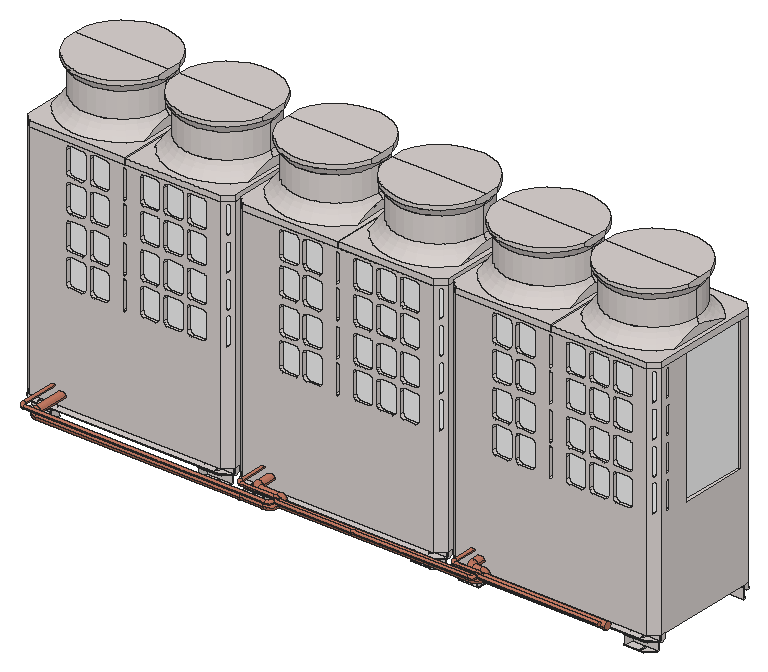
Revit family "PUHY-P1150YSNW-A1", category 機械設備, Revit 2016 (continued)
Definition of nested family "PUHY-P400YNW-A1"
  Dimensions and locks
    plane 3 "Center (Left/Right)" to cut or joined group 1 (Extrusion 1, Extrusion 2, Extrusion 3, Extrusion 4, Extrusion 5, Extrusion 6, Extrusion 7, Extrusion 8, Extrusion 9, Extrusion 10, Extrusion 11, Extrusion 12, Extrusion 13, Extrusion 14, Extrusion 15, Extrusion 16, Extrusion 17, Extrusion 18, Extrusion 19, Extrusion 20, Extrusion 21, Extrusion 22, Extrusion 23, Extrusion 24, Extrusion 25, Extrusion 26, Extrusion 27, Extrusion 28, Extrusion 29, Extrusion 30, Extrusion 31, Extrusion 32, Extrusion 33) = 620.000 mm
    cut or joined group 1 to plane 3 "Center (Left/Right)" = 620.000 mm
    Extrusion 1 sketch curve to Extrusion 1 sketch curve = 1240.000 mm
    cut or joined group 1 to plane 8 = 185.000 mm
    cut or joined group 1 to plane 7 = 166.000 mm
    cut or joined group 1 to plane 6 = 110.000 mm
    cut or joined group 1 to plane 12 to cut or joined group 1 = 805.000 mm, 621.000 mm
    plane 5 to plane 2 = 1858.000 mm  (x2)
    cut or joined group 1 to plane 19 "132" = 132.000 mm
    cut or joined group 1 to plane 22 = 207.000 mm
    cut or joined group 1 to plane 23 = 256.000 mm
    cut or joined group 1 to plane 6 = 60.000 mm
    cut or joined group 1 to cut or joined group 1 = 42.154 mm
    cut or joined group 1 to cut or joined group 1 = 11.895 mm
    nested 1 to nested 3 to level = 1798.000 mm, 60.000 mm
    nested 1 to nested 1 = 303.000 mm
    nested 1 to nested 3 = 1495.000 mm
    nested 8 to nested 8 to nested 8 to nested 7 to nested 7 to nested 7 = 54.000 mm, 20.000 mm, 592.000 mm, 20.000 mm, 54.000 mm
    nested 3 to nested 3 = 56.000 mm
    plane 11 to plane 31 to plane 32 to cut or joined group 1 = 90.000 mm, 1060.000 mm, 90.000 mm
    curve 103 to nested 7 = 90.000 mm
    curve 104 to nested 7 = 125.000 mm
    curve 101 to nested 7 = 100.000 mm
    curve 11 to curve 13 to nested 7 = 84.000 mm, 71.000 mm
    cut or joined group 1 to curve 12 to curve 14 = 125.000 mm, 148.000 mm
    nested 2 to nested 7 = 1495.000 mm
    curve 87 to cut or joined group 1 = 152.000 mm
    curve 88 to cut or joined group 1 = 172.000 mm
    curve 89 to cut or joined group 1 = 216.000 mm
    cut or joined group 1 to curve 4 to curve 2 = 128.000 mm, 150.000 mm
    cut or joined group 1 to curve 1 to curve 3 = 79.000 mm, 94.000 mm
    Extrusion 32 sketch curve to nested 7 = 116.000 mm
    cut or joined group 1 to Extrusion 32 sketch curve = 160.000 mm
    cut or joined group 1 to Extrusion 33 sketch curve = 243.000 mm
    Extrusion 33 sketch curve to nested 7 = 116.000 mm
    aligned and locked: level to plane 2
    aligned and locked: Extrusion 1 to plane 4
  Nested families
    nested 1: "FAN GUARD" at (-311.5, 2, 860), type "FAN GUARD"
      with WIDTH 870.000 mm
    nested 2: "FAN GUARD" at (311.5, 2, 860) x (-1, 0, 0) z (0, 0, 1), type "FAN GUARD"
      with WIDTH 870.000 mm
    nested 3: "ATTACHMENT LEG" at (-524, -349, 0), type "ATTACHMENT LEG"
    nested 4: "ATTACHMENT LEG" at (-524, 349, 0), type "ATTACHMENT LEG"
    nested 5: "ATTACHMENT LEG" at (524, -349, 0) x (-1, 0, 0) z (0, 0, 1), type "ATTACHMENT LEG"
    nested 6: "ATTACHMENT LEG" at (524, 349, 0) x (-1, 0, 0) z (0, 0, 1), type "ATTACHMENT LEG"
    nested 7: "BASE LEG_L_" at (0, -352, 60), type "BASE LEG_L_"
      with Width 1240.000 mm
    nested 8: "BASE LEG_L_" at (0, 352, 60), type "BASE LEG_L_"
      with Width 1240.000 mm
  Connectors
    piping at (-460, -191, 176), diameter 25.4, driven by "Liquid pipe_radius"
      settings: on cut or joined group 1, index 3, connector inside diameter 25.4 mm, connector length 0.000 mm, flow factor 0, pipe flow 0.0 L/s, pressure drop 0.0 Pa, fitting loss kfactor 0, connector angle 0.00°, fixture units 0, engagement length 0.000 mm, angle of deflection 0.00°, flow configuration 0, flow direction 0, fitting loss method 0, system type 22, joint type 0, gender type 0, connector reference index -1, connector utility 0, adjustable connector no, is connector primary yes, connector description "Refrigerant service valve<Liquid pipe>"
    piping at (-377, -191, 176), diameter 28.58, driven by "Gas pipe_radius"
      settings: on cut or joined group 1, index 4, connector inside diameter 28.58 mm, connector length 0.000 mm, flow factor 0, pipe flow 0.0 L/s, pressure drop 0.0 Pa, fitting loss kfactor 0, connector angle 0.00°, fixture units 0, engagement length 0.000 mm, angle of deflection 0.00°, flow configuration 0, flow direction 0, fitting loss method 0, system type 22, joint type 0, gender type 0, connector reference index -1, connector utility 0, adjustable connector no, is connector primary no, connector description "Refrigerant service valve<Gas>"
    electrical at (0, -370, 808)
      settings: on cut or joined group 1, index 5, voltage 0 V, apparent load 0 VA, apparent load phase1 0 VA, apparent load phase2 0 VA, apparent load phase3 0 VA, power factor 1, load classification none, number of poles 1, system type 30, power factor state 1, is connector primary yes, connector utility no, sub classification motor no, connector description ""
  Definition of nested family "FAN GUARD"
    Parameters
      WIDTH [instance] = 870.000 mm
    Reference planes
      plane 1 "中心(正面/背面)": y = -2
      plane 2: z = 0
      plane 3 "ファンガード基準面": z = 661
      plane 4: y = 368
      plane 5: x = 366
      plane 6: x = -375
      plane 7 "ファンガード基準上面": z = 695
      plane 8 "ファンガード上面": z = 998
      plane 9: x = -273.971
      plane 10: x = 308.5
      plane 11: x = -308.5
      plane 12: x = 0
    Forms (mm)
      Extrusion 1, solid
        sketch origin (85, 0, 661) x (-1, 0, 0) y (0, -1, 0)
          loop
            line (343.5, -368) -> (393.5, -318) -> (393.5, 322) -> (343.5, 372) -> (-223.5, 372) -> (-223.5, -368) -> (343.5, -368)
        from 0 to 34
      Revolve 2, solid
        sketch origin (0, -2, 0) x (1, 0, 0) y (0, 0, 1)
          loop
            line (0, 695) -> (0, 998) -> (-290, 998) -> (-290, 972.327) -> (-260, 928.372) -> (-260, 777.384)
            arc (-260, 777.384) -> (-290.651, 730.137) -> (-334.665, 695) r 175.882
            line (-334.665, 695) -> (0, 695)
          axis (0, 998) -> (0, 695)
        angle from 0 to 360
      Extrusion 3, void
        sketch origin (-840, 75, 695) x (-1, 0, 0) y (0, -1, 0)
          loop
            line (-410, -165) -> (-410, 315) -> (-561.253, 315) -> (-561.253, -165) -> (-410, -165)
        from -35 to 430.592
      Extrusion 4, void
        sketch origin (840, 75, 695) x (1, 0, 0) y (0, 1, 0)
          loop
            line (-410, 165) -> (-561.253, 165) -> (-561.253, -315) -> (-410, -315) -> (-410, 165)
        from 0 to 430.592
    Cuts and joins
      Extrusion 3, Extrusion 4 cuts Revolve 2
      Extrusion 4 cuts Extrusion 1
    Lines and regions (mm)
      model lines
        curve 1: line (-278.747, 0, 998) -> (-80, 0, 998)
        curve 2: line (80, 0, 998) -> (278.747, 0, 998)
        curve 3: circle (0, 0, 998) r 80 normal (0, 0, 1)
        curve 4: line (-278.747, -80, 998) -> (278.747, -80, 998)
        curve 5: line (-241.868, -160, 998) -> (241.868, -160, 998)
        curve 6: line (-162.788, -240, 998) -> (162.788, -240, 998)
        curve 7: line (-278.747, 80, 998) -> (278.747, 80, 998)
        curve 8: line (-241.868, 160, 998) -> (240, 160, 998)
        curve 9: line (-160, 240, 998) -> (162.788, 240, 998)
        curve 10: line (0, 290, 998) -> (0, -290, 998)
        curve 11: line (-20, 289.31, 998) -> (-20, -289.31, 998)
        curve 12: line (-40, 287.228, 998) -> (-40, -287.228, 998)
        curve 13: line (-60, 283.725, 998) -> (-60, -283.725, 998)
        curve 14: line (-80, 278.747, 998) -> (-80, -278.747, 998)
        curve 15: line (20, 289.31, 998) -> (20, -289.31, 998)
        curve 16: line (40, 287.228, 998) -> (40, -287.228, 998)
        curve 17: line (60, 283.725, 998) -> (60, -283.725, 998)
        curve 18: line (80, 278.747, 998) -> (80, -278.747, 998)
        curve 19: line (100, 272.213, 998) -> (100, -272.213, 998)
        curve 20: line (120, 264.008, 998) -> (120, -264.008, 998)
        curve 21: line (140, 253.969, 998) -> (140, -253.969, 998)
        curve 22: line (160, 241.868, 998) -> (160, -243.132, 998)
        curve 23: line (180, 227.376, 998) -> (180, -227.624, 998)
        curve 24: line (200, 210, 998) -> (200, -210, 998)
        curve 25: line (220, 188.944, 998) -> (220, -188.944, 998)
        curve 26: line (240, 160, 998) -> (240, -162.788, 998)
        curve 27: line (260, 128.452, 998) -> (260, -128.452, 998)
        curve 28: line (-100, 272.213, 998) -> (-100, -272.213, 998)
        curve 29: line (-120, 264.008, 998) -> (-120, -264.008, 998)
        curve 30: line (-140, 253.969, 998) -> (-140, -253.969, 998)
        curve 31: line (-160, 240, 998) -> (-160, -241.868, 998)
        curve 32: line (-180, 227.376, 998) -> (-180, -227.376, 998)
        curve 33: line (-200, 210, 998) -> (-200, -210, 998)
        curve 34: line (-220, 188.944, 998) -> (-220, -188.944, 998)
        curve 35: line (-240, 162.788, 998) -> (-240, -162.788, 998)
        curve 36: line (-260, 128.452, 998) -> (-260, -128.452, 998)
        curve 37: line (10, 79.373, 998) -> (10, -79.373, 998)
        curve 38: line (-10, 79.373, 998) -> (-10, -79.373, 998)
        curve 39: line (30, 74.162, 998) -> (30, -74.162, 998)
        curve 40: line (50, 62.45, 998) -> (50, -62.45, 998)
        curve 41: line (70, 38.73, 998) -> (70, -38.73, 998)
        curve 42: line (-30, 74.162, 998) -> (-30, -74.162, 998)
        curve 43: line (-50, 62.45, 998) -> (-50, -62.45, 998)
        curve 44: line (-70, 38.73, 998) -> (-70, -38.73, 998)
    Dimensions and locks
      locked: plane 8 "ファンガード上面" to plane 7 "ファンガード基準上面" at 303
      plane 8 "ファンガード上面" to plane 3 "ファンガード基準面" = 337.000 mm
      Revolve 2 sketch curve to Revolve 2 sketch curve = 290.000 mm
      Extrusion 1 sketch curve to Extrusion 1 sketch curve = 740.000 mm
      equal spacing: Extrusion 1 sketch curve, plane 1 "中心(正面/背面)", Extrusion 1 sketch curve
      plane 6 to plane 5 = 741.000 mm
      Extrusion 1 sketch curve to Extrusion 1 sketch curve = 617.000 mm
      plane 11 to plane 10 = 617.000 mm
      cut or joined group of Extrusion 1, Extrusion 4 to cut or joined group of Extrusion 1, Extrusion 4 = 617.000 mm
      cut or joined group of Extrusion 1, Extrusion 4 to cut or joined group of Extrusion 1, Extrusion 4 = 740.000 mm
      aligned and locked: level to plane 2
      aligned and locked: plane 7 "ファンガード基準上面" to Extrusion 1
      aligned and locked: plane 3 "ファンガード基準面" to Extrusion 1
      aligned and locked: cut or joined group of Revolve 2, Extrusion 3, Extrusion 4 to plane 8 "ファンガード上面"
  Definition of nested family "ATTACHMENT LEG"
    Parameters
      Width = 145.000 mm
    Reference planes
      plane 1: z = 0
      plane 2 "中心(左/右)": x = -6
      plane 3: x = -52
      plane 4: x = 85
      plane 5: x = 93
      plane 6: y = -21
      plane 7: y = 27
      plane 8: x = -30
      plane 9: y = 39
      plane 10: z = 60
      plane 11: z = 57
      plane 12: z = 3
      plane 13: x = 82
      plane 14: y = 36
      plane 15: x = -75
      plane 16: y = 31
      plane 17 "幅": x = 93
      plane 18: y = 2.5
      plane 19: y = 21
      plane 20: y = -10
    Forms (mm)
      Extrusion 1, solid
        sketch origin (0, -1, 0) x (1, 0, 0) y (0, 1, 0)
          loop
            line (-75, 36) -> (-75, 27) -> (-28, -20) -> (93, -20) -> (93, 32) -> (85, 32) -> (85, 36) -> (-75, 36)
        from 0 to 60
      Extrusion 2, void
        sketch origin (0, -3, 0) x (1, 0, 0) y (0, 0, 1)
          loop
            line (-75, 57) -> (-75, 3) -> (82, 3) -> (82, 57) -> (-75, 57)
          loop
            line (93, 57) -> (85, 57) -> (85, 3) -> (93, 3) -> (93, 57)
        from -35 to 18
      Extrusion 3, void
        sketch origin (-6, 5.5, 0) x (1, 0, 0) y (0, 1, 0)
          loop
            arc (-7, -8.5) -> (0, -15.5) -> (7, -8.5) r 7
            line (7, -8.5) -> (7, 8.5)
            arc (7, 8.5) -> (0, 15.5) -> (-7, 8.5) r 7
            line (-7, 8.5) -> (-7, -8.5)
        from 0 to 60
    Cuts and joins
      Extrusion 2, Extrusion 3 cuts Extrusion 1
    Dimensions and locks
      locked: plane 3 to plane 4 at 137
      locked: plane 3 to plane 5 at 145
      plane 6 to plane 7 = 48.000 mm
      locked: plane 10 to level at 60
      Extrusion 3 sketch curve to plane 2 "中心(左/右)" = 7.000 mm
      locked: plane 15 to plane 2 "中心(左/右)" at 69
      locked: plane 15 to plane 8 at 45
      locked: plane 6 to plane 18 at 23.5
      cut or joined group of Extrusion 1, Extrusion 2, Extrusion 3 to cut or joined group of Extrusion 1, Extrusion 2, Extrusion 3 = 168.000 mm
      cut or joined group of Extrusion 1, Extrusion 2, Extrusion 3 to cut or joined group of Extrusion 1, Extrusion 2, Extrusion 3 = 56.000 mm  (x2)
      plane 14 to plane 6 = 57.000 mm
      aligned and locked: level to plane 1
      aligned and locked: Extrusion 1 sketch curve to plane 4
      aligned and locked: Extrusion 1 sketch curve to plane 5
      aligned: plane 8 to Extrusion 1 sketch curve
      aligned and locked: plane 10 to Extrusion 1
      aligned and locked: Extrusion 2 sketch curve to plane 11
      aligned: plane 3 to Extrusion 2 sketch curve
      aligned and locked: plane 12 to Extrusion 2 sketch curve
      aligned and locked: Extrusion 2 sketch curve to plane 13
      aligned and locked: plane 6 to Extrusion 2
      aligned and locked: plane 11 to Extrusion 2 sketch curve
      aligned and locked: plane 5 to Extrusion 2 sketch curve
      aligned and locked: Extrusion 2 sketch curve to plane 12
      aligned and locked: Extrusion 2 sketch curve to plane 4
      aligned and locked: plane 15 to Extrusion 1 sketch curve
      aligned and locked: Extrusion 2 sketch curve to cut or joined group of Extrusion 1, Extrusion 2, Extrusion 3
      aligned and locked: Extrusion 1 to plane 16
  Definition of nested family "BASE LEG_L_"
    Parameters
      Width [instance] = 1240.000 mm
    Reference planes
      plane 1 "中心(正面/背面)": y = 0
      plane 2: z = 0
      plane 3 "中心(左/右)": x = 0
      plane 4: x = 620
      plane 5: x = -620
      plane 6: x = -530
      plane 7: x = 530
      plane 8: y = -18
      plane 9: y = 39
      plane 10: z = 53
      plane 11: y = 42
      plane 12: y = 27
      plane 13: x = 575
      plane 14: x = -575
      plane 15: z = 8
      plane 16: y = 11.5
      plane 17: z = 35
    Forms (mm)
      Extrusion 1, solid
        sketch origin (0, 0, 0) x (0, 1, 0) y (0, 0, 1)
          loop
            line (-18, 0) -> (36, 0) -> (36, 32) -> (56, 32) -> (56, 35) -> (33, 35) -> (33, 3) -> (-18, 3) -> (-18, 0)
        from -620 to 620
      Extrusion 2, void
        sketch origin (0, 0, 0) x (1, 0, 0) y (0, 1, 0)
          loop
            line (575, -18) -> (620, -18) -> (620, 27) -> (575, -18)
          loop
            line (-575, -18) -> (-620, 27) -> (-620, -18) -> (-575, -18)
        from 0 to 250
      Extrusion 3, void
        sketch origin (0, 12.023, 0) x (1, 0, 0) y (0, 1, 0)
          loop
            arc (523, -2.971) -> (530, -9.971) -> (537, -2.971) r 7
            line (537, -2.971) -> (537, 3.023)
            arc (537, 3.023) -> (530, 10.023) -> (523, 3.023) r 7
            line (523, 3.023) -> (523, -2.971)
          loop
            line (-523, -2.971) -> (-523, 3.023)
            arc (-523, 3.023) -> (-530, 10.023) -> (-537, 3.023) r 7
            line (-537, 3.023) -> (-537, -2.971)
            arc (-537, -2.971) -> (-530, -9.971) -> (-523, -2.971) r 7
        from 0 to 250
      Extrusion 4, solid
        sketch origin (0, 0, -3) x (1, 0, 0) y (0, 0, 1)
          loop
            line (617, 8) -> (620, 8) -> (620, 35) -> (617, 35) -> (617, 8)
          loop
            line (-617, 8) -> (-617, 35) -> (-620, 35) -> (-620, 8) -> (-617, 8)
        from -36 to -56
      Extrusion 5, solid
        sketch origin (150, 352, 0) x (1, 0, 0) y (0, 1, 0)
          loop
            line (460, -319) -> (455, -319) -> (455, -320) -> (405, -370) -> (410, -370) -> (460, -320) -> (460, -319)
        from 3 to 35
      Extrusion 6, void
        sketch origin (560, -18, 0) x (0.707107, 0.707107, 0) y (0, 0, 1)
          loop
            line (70.711, 3) -> (-6.741, 39.767) -> (-6.741, 3) -> (70.711, 3)
        from -190.256 to 23.776
      Extrusion 7, solid
        sketch origin (-150, 352, 0) x (-1, 0, 0) y (0, -1, 0)
          loop
            line (460, 319) -> (460, 320) -> (410, 370) -> (405, 370) -> (455, 320) -> (455, 319) -> (460, 319)
        from 3 to 35
      Extrusion 8, void
        sketch origin (-560, -18, 0) x (0.707107, -0.707107, 0) y (0, 0, -1)
          loop
            line (-70.711, -3) -> (0, -35) -> (6.741, -35) -> (6.741, -3) -> (-70.711, -3)
        from -190.256 to 23.776
    Cuts and joins
      Extrusion 2, Extrusion 3 cuts Extrusion 1
      joined: Extrusion 1, Extrusion 4
      Extrusion 8 cuts Extrusion 7
      Extrusion 6 cuts Extrusion 5
    Dimensions and locks
      "Width": plane 5 to plane 4
      equal spacing: plane 5, plane 3 "中心(左/右)", plane 4
      locked: plane 5 to plane 6 at 90
      locked: plane 7 to plane 4 at 90
      locked: plane 8 to plane 9 at 57
      locked: plane 10 to level at 53
      locked: plane 9 to plane 11 at 3
      plane 8 to plane 12 = 45.000 mm
      locked: plane 13 to plane 4 at 45
      locked: plane 5 to plane 14 at 45
      equal spacing: Extrusion 3 sketch curve, plane 7, Extrusion 3 sketch curve
      equal spacing: Extrusion 3 sketch curve, plane 6, Extrusion 3 sketch curve
      locked: plane 10 to plane 15 at 45
      locked: cut or joined group of Extrusion 1, Extrusion 2, Extrusion 3, Extrusion 4 to Extrusion 4 sketch curve at 3  (x2)
      locked: plane 8 to plane 16 at 29.5
      plane 8 to plane 11 = 60.000 mm
      cut or joined group of Extrusion 1, Extrusion 2, Extrusion 3, Extrusion 4 to cut or joined group of Extrusion 1, Extrusion 2, Extrusion 3, Extrusion 4 = 35.000 mm
      aligned and locked: level to plane 2
      aligned and locked: plane 8 to Extrusion 1 sketch curve
      aligned and locked: plane 4 to Extrusion 1
      aligned and locked: Extrusion 1 to plane 5
      aligned and locked: Extrusion 2 sketch curve to plane 4
      aligned and locked: Extrusion 2 sketch curve to plane 8
      aligned and locked: plane 12 to Extrusion 2 sketch curve
      aligned and locked: plane 13 to Extrusion 2 sketch curve
      aligned and locked: plane 4 to Extrusion 4 sketch curve
      aligned and locked: plane 5 to Extrusion 4 sketch curve
      aligned and locked: cut or joined group of Extrusion 7, Extrusion 8 to cut or joined group of Extrusion 1, Extrusion 2, Extrusion 3, Extrusion 4
    Automatic sketch dimensions
      Extrusion 3 sketch curve to plane 1 "中心(正面/背面)" = 9.052 mm  (x2)
      Extrusion 3 sketch curve to plane 7 = 7.000 mm
      Extrusion 3 sketch curve to plane 1 "中心(正面/背面)" = 15.046 mm  (x2)
      Extrusion 3 sketch curve to plane 6 = 7.000 mm
      Extrusion 2 sketch curve to plane 5 = 0.000 mm
      plane 8 to Extrusion 2 sketch curve = 0.000 mm
      Extrusion 2 sketch curve to plane 14 = 0.000 mm
      plane 12 to Extrusion 2 sketch curve = 0.000 mm
      Extrusion 4 sketch curve to plane 10 = 21.000 mm
      plane 7 to Extrusion 5 sketch curve = 25.000 mm
      Extrusion 5 sketch curve to Extrusion 5 sketch curve = 5.000 mm  (x2)
      plane 7 to Extrusion 5 sketch curve = 75.000 mm
      plane 8 to Extrusion 5 sketch curve = 0.000 mm
      Extrusion 5 sketch curve to Extrusion 5 sketch curve = 50.000 mm
      Extrusion 5 sketch curve to Extrusion 5 sketch curve = 0.000 mm
      Extrusion 5 sketch curve to Extrusion 5 sketch curve = 1.000 mm
      Extrusion 6 sketch curve to Extrusion 5 = 0.000 mm  (x2)
      Extrusion 6 sketch curve to Extrusion 5 = 6.741 mm
      Extrusion 6 sketch curve to Extrusion 5 = 4.767 mm
      plane 6 to Extrusion 7 sketch curve = 25.000 mm
      Extrusion 7 sketch curve to Extrusion 7 sketch curve = 5.000 mm  (x2)
      Extrusion 7 sketch curve to Extrusion 7 sketch curve = 45.000 mm
      Extrusion 7 sketch curve to plane 8 = 0.000 mm
      Extrusion 7 sketch curve to Extrusion 7 sketch curve = 50.000 mm
      Extrusion 7 sketch curve to Extrusion 7 sketch curve = 0.000 mm
      Extrusion 7 sketch curve to Extrusion 7 sketch curve = 1.000 mm
      Extrusion 8 sketch curve to Extrusion 7 = 0.000 mm  (x2)
      Extrusion 7 to Extrusion 8 sketch curve = 0.000 mm  (x2)
      Extrusion 7 to Extrusion 8 sketch curve = 6.741 mm
      Extrusion 4 sketch curve to plane 17 = 3.000 mm
      Extrusion 4 sketch curve to plane 15 = 3.000 mm  (x2)
      Extrusion 1 sketch curve to plane 17 = 0.000 mm
      Extrusion 1 sketch curve to level = 0.000 mm
      level to Extrusion 1 sketch curve = 3.000 mm
      plane 9 to Extrusion 1 sketch curve = 6.000 mm
      plane 9 to Extrusion 1 sketch curve = 3.000 mm
      Extrusion 1 sketch curve to plane 17 = 3.000 mm
      Extrusion 1 sketch curve to plane 11 = 14.000 mm
Definition of nested family "PUHY-P350YNW-A1"
  Parameters
    Model = "PUHY-P350YNW-A"
    URL = "http://www.mitsubishielectric.com/"
    Manufacturer = "Mitsubishi Electric Corporation"
    Liquid pipe_radius = 12.700 mm
    Gas pipe_radius = 14.290 mm
  Reference planes
    plane 1 "Center (Front/Back)": y = 0
    plane 2: z = 0
    plane 3 "Center (Left/Right)": x = 0
    plane 4: y = 370
    plane 5: z = 1858
    plane 6: y = -260
    plane 7: y = -204
    plane 8: y = -185
    plane 9: x = -620
    plane 10: x = 620
    plane 11: x = -620
    plane 12: z = 716
    plane 13: x = -524
    plane 14: z = 669
    plane 15: x = -50.5
    plane 16: x = 51
    plane 17: x = 489
    plane 18: x = 467
    plane 19 "132": x = 488
    plane 20 "100": z = 160
    plane 21: z = 185
    plane 22: x = 413
    plane 23: x = 364
    plane 24: z = 150
    plane 25: x = -287.25
    plane 26: x = -137.25
    plane 27: x = -272.25
    plane 28: y = -278
    plane 29: z = 1509
    plane 30: y = -370
    plane 31: x = -530
    plane 32: x = 530
    plane 33 "179": y = -191
  Forms (mm)
    Extrusion 1, solid
      sketch origin (-1, 0, 113) x (-1, 0, 0) y (0, -1, 0)
        loop
          line (569, -370) -> (619, -320) -> (619, 320) -> (569, 370) -> (-571, 370) -> (-621, 320) -> (-621, -320) -> (-571, -370) -> (569, -370)
      from -18 to 1408
    Extrusion 2, void
      sketch origin (524, -370, 113) x (1, 0, 0) y (0, 0, -1)
        loop
          arc (-60.8, -1393.5) -> (-42.557, -1385.943) -> (-35, -1367.7) r 25.8
          line (-35, -1367.7) -> (-35, -1248.5)
          arc (-35, -1248.5) -> (-42.557, -1230.257) -> (-60.8, -1222.7) r 25.8
          line (-60.8, -1222.7) -> (-126, -1222.7)
          arc (-126, -1222.7) -> (-144.243, -1230.257) -> (-151.8, -1248.5) r 25.8
          line (-151.8, -1248.5) -> (-151.8, -1367.7)
          arc (-151.8, -1367.7) -> (-144.243, -1385.943) -> (-126, -1393.5) r 25.8
          line (-126, -1393.5) -> (-60.8, -1393.5)
      from 0 to 20
    Extrusion 3, void
      sketch origin (524, -370, -81) x (1, 0, 0) y (0, 0, -1)
        loop
          arc (-60.8, -1393.5) -> (-42.557, -1385.943) -> (-35, -1367.7) r 25.8
          line (-35, -1367.7) -> (-35, -1248.5)
          arc (-35, -1248.5) -> (-42.557, -1230.257) -> (-60.8, -1222.7) r 25.8
          line (-60.8, -1222.7) -> (-126, -1222.7)
          arc (-126, -1222.7) -> (-144.243, -1230.257) -> (-151.8, -1248.5) r 25.8
          line (-151.8, -1248.5) -> (-151.8, -1367.7)
          arc (-151.8, -1367.7) -> (-144.243, -1385.943) -> (-126, -1393.5) r 25.8
          line (-126, -1393.5) -> (-60.8, -1393.5)
      from 0 to 20
    Extrusion 4, void
      sketch origin (524, -370, -287) x (1, 0, 0) y (0, 0, -1)
        loop
          arc (-60.8, -1393.5) -> (-42.557, -1385.943) -> (-35, -1367.7) r 25.8
          line (-35, -1367.7) -> (-35, -1248.5)
          arc (-35, -1248.5) -> (-42.557, -1230.257) -> (-60.8, -1222.7) r 25.8
          line (-60.8, -1222.7) -> (-126, -1222.7)
          arc (-126, -1222.7) -> (-144.243, -1230.257) -> (-151.8, -1248.5) r 25.8
          line (-151.8, -1248.5) -> (-151.8, -1367.7)
          arc (-151.8, -1367.7) -> (-144.243, -1385.943) -> (-126, -1393.5) r 25.8
          line (-126, -1393.5) -> (-60.8, -1393.5)
      from 0 to 20
    Extrusion 5, void
      sketch origin (524, -370, -481) x (1, 0, 0) y (0, 0, -1)
        loop
          arc (-60.8, -1393.5) -> (-42.557, -1385.943) -> (-35, -1367.7) r 25.8
          line (-35, -1367.7) -> (-35, -1248.5)
          arc (-35, -1248.5) -> (-42.557, -1230.257) -> (-60.8, -1222.7) r 25.8
          line (-60.8, -1222.7) -> (-126, -1222.7)
          arc (-126, -1222.7) -> (-144.243, -1230.257) -> (-151.8, -1248.5) r 25.8
          line (-151.8, -1248.5) -> (-151.8, -1367.7)
          arc (-151.8, -1367.7) -> (-144.243, -1385.943) -> (-126, -1393.5) r 25.8
          line (-126, -1393.5) -> (-60.8, -1393.5)
      from 0 to 20
    Extrusion 6, void
      sketch origin (384, -370, 113) x (1, 0, 0) y (0, 0, -1)
        loop
          arc (-60.8, -1393.5) -> (-42.557, -1385.943) -> (-35, -1367.7) r 25.8
          line (-35, -1367.7) -> (-35, -1248.5)
          arc (-35, -1248.5) -> (-42.557, -1230.257) -> (-60.8, -1222.7) r 25.8
          line (-60.8, -1222.7) -> (-126, -1222.7)
          arc (-126, -1222.7) -> (-144.243, -1230.257) -> (-151.8, -1248.5) r 25.8
          line (-151.8, -1248.5) -> (-151.8, -1367.7)
          arc (-151.8, -1367.7) -> (-144.243, -1385.943) -> (-126, -1393.5) r 25.8
          line (-126, -1393.5) -> (-60.8, -1393.5)
      from 0 to 20
    Extrusion 7, void
      sketch origin (384, -370, -81) x (1, 0, 0) y (0, 0, -1)
        loop
          arc (-60.8, -1393.5) -> (-42.557, -1385.943) -> (-35, -1367.7) r 25.8
          line (-35, -1367.7) -> (-35, -1248.5)
          arc (-35, -1248.5) -> (-42.557, -1230.257) -> (-60.8, -1222.7) r 25.8
          line (-60.8, -1222.7) -> (-126, -1222.7)
          arc (-126, -1222.7) -> (-144.243, -1230.257) -> (-151.8, -1248.5) r 25.8
          line (-151.8, -1248.5) -> (-151.8, -1367.7)
          arc (-151.8, -1367.7) -> (-144.243, -1385.943) -> (-126, -1393.5) r 25.8
          line (-126, -1393.5) -> (-60.8, -1393.5)
      from 0 to 20
    Extrusion 8, void
      sketch origin (384, -370, -287) x (1, 0, 0) y (0, 0, -1)
        loop
          arc (-60.8, -1393.5) -> (-42.557, -1385.943) -> (-35, -1367.7) r 25.8
          line (-35, -1367.7) -> (-35, -1248.5)
          arc (-35, -1248.5) -> (-42.557, -1230.257) -> (-60.8, -1222.7) r 25.8
          line (-60.8, -1222.7) -> (-126, -1222.7)
          arc (-126, -1222.7) -> (-144.243, -1230.257) -> (-151.8, -1248.5) r 25.8
          line (-151.8, -1248.5) -> (-151.8, -1367.7)
          arc (-151.8, -1367.7) -> (-144.243, -1385.943) -> (-126, -1393.5) r 25.8
          line (-126, -1393.5) -> (-60.8, -1393.5)
      from 0 to 20
    Extrusion 9, void
      sketch origin (384, -370, -481) x (1, 0, 0) y (0, 0, -1)
        loop
          arc (-60.8, -1393.5) -> (-42.557, -1385.943) -> (-35, -1367.7) r 25.8
          line (-35, -1367.7) -> (-35, -1248.5)
          arc (-35, -1248.5) -> (-42.557, -1230.257) -> (-60.8, -1222.7) r 25.8
          line (-60.8, -1222.7) -> (-126, -1222.7)
          arc (-126, -1222.7) -> (-144.243, -1230.257) -> (-151.8, -1248.5) r 25.8
          line (-151.8, -1248.5) -> (-151.8, -1367.7)
          arc (-151.8, -1367.7) -> (-144.243, -1385.943) -> (-126, -1393.5) r 25.8
          line (-126, -1393.5) -> (-60.8, -1393.5)
      from 0 to 20
    Extrusion 10, void
      sketch origin (244, -370, 113) x (1, 0, 0) y (0, 0, -1)
        loop
          arc (-60.8, -1393.5) -> (-42.557, -1385.943) -> (-35, -1367.7) r 25.8
          line (-35, -1367.7) -> (-35, -1248.5)
          arc (-35, -1248.5) -> (-42.557, -1230.257) -> (-60.8, -1222.7) r 25.8
          line (-60.8, -1222.7) -> (-126, -1222.7)
          arc (-126, -1222.7) -> (-144.243, -1230.257) -> (-151.8, -1248.5) r 25.8
          line (-151.8, -1248.5) -> (-151.8, -1367.7)
          arc (-151.8, -1367.7) -> (-144.243, -1385.943) -> (-126, -1393.5) r 25.8
          line (-126, -1393.5) -> (-60.8, -1393.5)
      from 0 to 20
    Extrusion 11, void
      sketch origin (244, -370, -81) x (1, 0, 0) y (0, 0, -1)
        loop
          arc (-60.8, -1393.5) -> (-42.557, -1385.943) -> (-35, -1367.7) r 25.8
          line (-35, -1367.7) -> (-35, -1248.5)
          arc (-35, -1248.5) -> (-42.557, -1230.257) -> (-60.8, -1222.7) r 25.8
          line (-60.8, -1222.7) -> (-126, -1222.7)
          arc (-126, -1222.7) -> (-144.243, -1230.257) -> (-151.8, -1248.5) r 25.8
          line (-151.8, -1248.5) -> (-151.8, -1367.7)
          arc (-151.8, -1367.7) -> (-144.243, -1385.943) -> (-126, -1393.5) r 25.8
          line (-126, -1393.5) -> (-60.8, -1393.5)
      from 0 to 20
    Extrusion 12, void
      sketch origin (244, -370, -287) x (1, 0, 0) y (0, 0, -1)
        loop
          arc (-60.8, -1393.5) -> (-42.557, -1385.943) -> (-35, -1367.7) r 25.8
          line (-35, -1367.7) -> (-35, -1248.5)
          arc (-35, -1248.5) -> (-42.557, -1230.257) -> (-60.8, -1222.7) r 25.8
          line (-60.8, -1222.7) -> (-126, -1222.7)
          arc (-126, -1222.7) -> (-144.243, -1230.257) -> (-151.8, -1248.5) r 25.8
          line (-151.8, -1248.5) -> (-151.8, -1367.7)
          arc (-151.8, -1367.7) -> (-144.243, -1385.943) -> (-126, -1393.5) r 25.8
          line (-126, -1393.5) -> (-60.8, -1393.5)
      from 0 to 20
    Extrusion 13, void
      sketch origin (244, -370, -481) x (1, 0, 0) y (0, 0, -1)
        loop
          arc (-60.8, -1393.5) -> (-42.557, -1385.943) -> (-35, -1367.7) r 25.8
          line (-35, -1367.7) -> (-35, -1248.5)
          arc (-35, -1248.5) -> (-42.557, -1230.257) -> (-60.8, -1222.7) r 25.8
          line (-60.8, -1222.7) -> (-126, -1222.7)
          arc (-126, -1222.7) -> (-144.243, -1230.257) -> (-151.8, -1248.5) r 25.8
          line (-151.8, -1248.5) -> (-151.8, -1367.7)
          arc (-151.8, -1367.7) -> (-144.243, -1385.943) -> (-126, -1393.5) r 25.8
          line (-126, -1393.5) -> (-60.8, -1393.5)
      from 0 to 20
    Extrusion 14, void
      sketch origin (-56, -370, 113) x (1, 0, 0) y (0, 0, -1)
        loop
          arc (-60.8, -1393.5) -> (-42.557, -1385.943) -> (-35, -1367.7) r 25.8
          line (-35, -1367.7) -> (-35, -1248.5)
          arc (-35, -1248.5) -> (-42.557, -1230.257) -> (-60.8, -1222.7) r 25.8
          line (-60.8, -1222.7) -> (-126, -1222.7)
          arc (-126, -1222.7) -> (-144.243, -1230.257) -> (-151.8, -1248.5) r 25.8
          line (-151.8, -1248.5) -> (-151.8, -1367.7)
          arc (-151.8, -1367.7) -> (-144.243, -1385.943) -> (-126, -1393.5) r 25.8
          line (-126, -1393.5) -> (-60.8, -1393.5)
      from 0 to 20
    Extrusion 15, void
      sketch origin (-56, -370, -81) x (1, 0, 0) y (0, 0, -1)
        loop
          arc (-60.8, -1393.5) -> (-42.557, -1385.943) -> (-35, -1367.7) r 25.8
          line (-35, -1367.7) -> (-35, -1248.5)
          arc (-35, -1248.5) -> (-42.557, -1230.257) -> (-60.8, -1222.7) r 25.8
          line (-60.8, -1222.7) -> (-126, -1222.7)
          arc (-126, -1222.7) -> (-144.243, -1230.257) -> (-151.8, -1248.5) r 25.8
          line (-151.8, -1248.5) -> (-151.8, -1367.7)
          arc (-151.8, -1367.7) -> (-144.243, -1385.943) -> (-126, -1393.5) r 25.8
          line (-126, -1393.5) -> (-60.8, -1393.5)
      from 0 to 20
    Extrusion 16, void
      sketch origin (-56, -370, -287) x (1, 0, 0) y (0, 0, -1)
        loop
          arc (-60.8, -1393.5) -> (-42.557, -1385.943) -> (-35, -1367.7) r 25.8
          line (-35, -1367.7) -> (-35, -1248.5)
          arc (-35, -1248.5) -> (-42.557, -1230.257) -> (-60.8, -1222.7) r 25.8
          line (-60.8, -1222.7) -> (-126, -1222.7)
          arc (-126, -1222.7) -> (-144.243, -1230.257) -> (-151.8, -1248.5) r 25.8
          line (-151.8, -1248.5) -> (-151.8, -1367.7)
          arc (-151.8, -1367.7) -> (-144.243, -1385.943) -> (-126, -1393.5) r 25.8
          line (-126, -1393.5) -> (-60.8, -1393.5)
      from 0 to 20
    Extrusion 17, void
      sketch origin (-56, -370, -481) x (1, 0, 0) y (0, 0, -1)
        loop
          arc (-60.8, -1393.5) -> (-42.557, -1385.943) -> (-35, -1367.7) r 25.8
          line (-35, -1367.7) -> (-35, -1248.5)
          arc (-35, -1248.5) -> (-42.557, -1230.257) -> (-60.8, -1222.7) r 25.8
          line (-60.8, -1222.7) -> (-126, -1222.7)
          arc (-126, -1222.7) -> (-144.243, -1230.257) -> (-151.8, -1248.5) r 25.8
          line (-151.8, -1248.5) -> (-151.8, -1367.7)
          arc (-151.8, -1367.7) -> (-144.243, -1385.943) -> (-126, -1393.5) r 25.8
          line (-126, -1393.5) -> (-60.8, -1393.5)
      from 0 to 20
    Extrusion 18, void
      sketch origin (-196, -370, 113) x (1, 0, 0) y (0, 0, -1)
        loop
          arc (-60.8, -1393.5) -> (-42.557, -1385.943) -> (-35, -1367.7) r 25.8
          line (-35, -1367.7) -> (-35, -1248.5)
          arc (-35, -1248.5) -> (-42.557, -1230.257) -> (-60.8, -1222.7) r 25.8
          line (-60.8, -1222.7) -> (-126, -1222.7)
          arc (-126, -1222.7) -> (-144.243, -1230.257) -> (-151.8, -1248.5) r 25.8
          line (-151.8, -1248.5) -> (-151.8, -1367.7)
          arc (-151.8, -1367.7) -> (-144.243, -1385.943) -> (-126, -1393.5) r 25.8
          line (-126, -1393.5) -> (-60.8, -1393.5)
      from 0 to 20
    Extrusion 19, void
      sketch origin (-196, -370, -81) x (1, 0, 0) y (0, 0, -1)
        loop
          arc (-60.8, -1393.5) -> (-42.557, -1385.943) -> (-35, -1367.7) r 25.8
          line (-35, -1367.7) -> (-35, -1248.5)
          arc (-35, -1248.5) -> (-42.557, -1230.257) -> (-60.8, -1222.7) r 25.8
          line (-60.8, -1222.7) -> (-126, -1222.7)
          arc (-126, -1222.7) -> (-144.243, -1230.257) -> (-151.8, -1248.5) r 25.8
          line (-151.8, -1248.5) -> (-151.8, -1367.7)
          arc (-151.8, -1367.7) -> (-144.243, -1385.943) -> (-126, -1393.5) r 25.8
          line (-126, -1393.5) -> (-60.8, -1393.5)
      from 0 to 20
    Extrusion 20, void
      sketch origin (-196, -370, -287) x (1, 0, 0) y (0, 0, -1)
        loop
          arc (-60.8, -1393.5) -> (-42.557, -1385.943) -> (-35, -1367.7) r 25.8
          line (-35, -1367.7) -> (-35, -1248.5)
          arc (-35, -1248.5) -> (-42.557, -1230.257) -> (-60.8, -1222.7) r 25.8
          line (-60.8, -1222.7) -> (-126, -1222.7)
          arc (-126, -1222.7) -> (-144.243, -1230.257) -> (-151.8, -1248.5) r 25.8
          line (-151.8, -1248.5) -> (-151.8, -1367.7)
          arc (-151.8, -1367.7) -> (-144.243, -1385.943) -> (-126, -1393.5) r 25.8
          line (-126, -1393.5) -> (-60.8, -1393.5)
      from 0 to 20
    Extrusion 21, void
      sketch origin (-196, -370, -481) x (1, 0, 0) y (0, 0, -1)
        loop
          arc (-60.8, -1393.5) -> (-42.557, -1385.943) -> (-35, -1367.7) r 25.8
          line (-35, -1367.7) -> (-35, -1248.5)
          arc (-35, -1248.5) -> (-42.557, -1230.257) -> (-60.8, -1222.7) r 25.8
          line (-60.8, -1222.7) -> (-126, -1222.7)
          arc (-126, -1222.7) -> (-144.243, -1230.257) -> (-151.8, -1248.5) r 25.8
          line (-151.8, -1248.5) -> (-151.8, -1367.7)
          arc (-151.8, -1367.7) -> (-144.243, -1385.943) -> (-126, -1393.5) r 25.8
          line (-126, -1393.5) -> (-60.8, -1393.5)
      from 0 to 20
    Extrusion 22, void
      sketch origin (620, 320, 113) x (0, 1, 0) y (0, 0, -1)
        loop
          line (-462.3, -1408) -> (-50.8, -1408) -> (-50.8, -612) -> (-462.3, -612) -> (-462.3, -1408)
      from 0 to 20
    Extrusion 23, void
      sketch origin (-620, -320, 113) x (0, -1, 0) y (0, 0, -1)
        loop
          line (-535.7, -1408) -> (-207.7, -1408) -> (-207.7, -592) -> (-535.7, -592) -> (-535.7, -1408)
      from 0 to 20
    Extrusion 24, void
      sketch origin (194.892, 370, 113) x (-1, 0, 0) y (0, 0, -1)
        loop
          arc (204.892, -1225.013) -> (194.892, -1215.013) -> (184.892, -1225.013) r 10
          line (184.892, -1225.013) -> (184.892, -1379.987)
          arc (184.892, -1379.987) -> (194.892, -1389.987) -> (204.892, -1379.987) r 10
          line (204.892, -1379.987) -> (204.892, -1225.013)
        loop
          arc (204.892, -1031.013) -> (194.892, -1021.013) -> (184.892, -1031.013) r 10
          line (184.892, -1031.013) -> (184.892, -1185.987)
          arc (184.892, -1185.987) -> (194.892, -1195.987) -> (204.892, -1185.987) r 10
          line (204.892, -1185.987) -> (204.892, -1031.013)
        loop
          arc (204.892, -825.013) -> (194.892, -815.013) -> (184.892, -825.013) r 10
          line (184.892, -825.013) -> (184.892, -979.987)
          arc (184.892, -979.987) -> (194.892, -989.987) -> (204.892, -979.987) r 10
          line (204.892, -979.987) -> (204.892, -825.013)
        loop
          arc (204.892, -631.013) -> (194.892, -621.013) -> (184.892, -631.013) r 10
          line (184.892, -631.013) -> (184.892, -785.987)
          arc (184.892, -785.987) -> (194.892, -795.987) -> (204.892, -785.987) r 10
          line (204.892, -785.987) -> (204.892, -631.013)
      from 0 to 20
    Extrusion 25, void
      sketch origin (-570, 370, 113) x (0.707107, 0.707107, 0) y (0, 0, 1)
        loop
          arc (-45.355, 1236) -> (-35.355, 1226) -> (-25.355, 1236) r 10
          line (-25.355, 1236) -> (-25.355, 1386)
          arc (-25.355, 1386) -> (-35.355, 1396) -> (-45.355, 1386) r 10
          line (-45.355, 1386) -> (-45.355, 1236)
        loop
          arc (-45.355, 1036) -> (-35.355, 1026) -> (-25.355, 1036) r 10
          line (-25.355, 1036) -> (-25.355, 1186)
          arc (-25.355, 1186) -> (-35.355, 1196) -> (-45.355, 1186) r 10
          line (-45.355, 1186) -> (-45.355, 1036)
        loop
          arc (-45.355, 836) -> (-35.355, 826) -> (-25.355, 836) r 10
          line (-25.355, 836) -> (-25.355, 986)
          arc (-25.355, 986) -> (-35.355, 996) -> (-45.355, 986) r 10
          line (-45.355, 986) -> (-45.355, 836)
        loop
          arc (-45.355, 641) -> (-35.355, 631) -> (-25.355, 641) r 10
          line (-25.355, 641) -> (-25.355, 791)
          arc (-25.355, 791) -> (-35.355, 801) -> (-45.355, 791) r 10
          line (-45.355, 791) -> (-45.355, 641)
      from 0 to 20
    Extrusion 26, void
      sketch origin (-620, -320, 113) x (0, -1, 0) y (0, 0, -1)
        loop
          line (-607.846, -1035.895) -> (-607.846, -1186.105)
          arc (-607.846, -1186.105) -> (-597.846, -1196.105) -> (-587.846, -1186.105) r 10
          line (-587.846, -1186.105) -> (-587.846, -1035.895)
          arc (-587.846, -1035.895) -> (-597.846, -1025.895) -> (-607.846, -1035.895) r 10
        loop
          line (-607.846, -835.895) -> (-607.846, -986.105)
          arc (-607.846, -986.105) -> (-597.846, -996.105) -> (-587.846, -986.105) r 10
          line (-587.846, -986.105) -> (-587.846, -835.895)
          arc (-587.846, -835.895) -> (-597.846, -825.895) -> (-607.846, -835.895) r 10
        loop
          line (-607.846, -1235.895) -> (-607.846, -1386.105)
          arc (-607.846, -1386.105) -> (-597.846, -1396.105) -> (-587.846, -1386.105) r 10
          line (-587.846, -1386.105) -> (-587.846, -1235.895)
          arc (-587.846, -1235.895) -> (-597.846, -1225.895) -> (-607.846, -1235.895) r 10
        loop
          line (-607.846, -635.895) -> (-607.846, -786.105)
          arc (-607.846, -786.105) -> (-597.846, -796.105) -> (-587.846, -786.105) r 10
          line (-587.846, -786.105) -> (-587.846, -635.895)
          arc (-587.846, -635.895) -> (-597.846, -625.895) -> (-607.846, -635.895) r 10
      from 0 to 20
    Extrusion 27, void
      sketch origin (1079, -370, 113) x (1, 0, 0) y (0, 0, -1)
        loop
          arc (-1089, -1379.975) -> (-1079, -1389.975) -> (-1069, -1379.975) r 10
          line (-1069, -1379.975) -> (-1069, -1225)
          arc (-1069, -1225) -> (-1079, -1215) -> (-1089, -1225) r 10
          line (-1089, -1225) -> (-1089, -1379.975)
        loop
          arc (-1089, -1185.975) -> (-1079, -1195.975) -> (-1069, -1185.975) r 10
          line (-1069, -1185.975) -> (-1069, -1031)
          arc (-1069, -1031) -> (-1079, -1021) -> (-1089, -1031) r 10
          line (-1089, -1031) -> (-1089, -1185.975)
        loop
          arc (-1089, -979.975) -> (-1079, -989.975) -> (-1069, -979.975) r 10
          line (-1069, -979.975) -> (-1069, -825)
          arc (-1069, -825) -> (-1079, -815) -> (-1089, -825) r 10
          line (-1089, -825) -> (-1089, -979.975)
        loop
          arc (-1089, -785.975) -> (-1079, -795.975) -> (-1069, -785.975) r 10
          line (-1069, -785.975) -> (-1069, -631)
          arc (-1069, -631) -> (-1079, -621) -> (-1089, -631) r 10
          line (-1089, -631) -> (-1089, -785.975)
      from 0 to 20
    Extrusion 28, void
      sketch origin (-571, 370, 113) x (-1, 0, 0) y (0, 0, -1)
        loop
          line (-519.5, -1408) -> (-48, -1408) -> (-48, -556) -> (-519.5, -556) -> (-519.5, -1408)
      from 0 to 20
    Extrusion 29, void
      sketch origin (-571, 370, 113) x (-1, 0, 0) y (0, 0, -1)
        loop
          line (-1038, -1408) -> (-622, -1408) -> (-622, -556) -> (-1038, -556) -> (-1038, -1408)
      from 0 to 20
    Extrusion 30, void
      sketch origin (620, 320, 113) x (0, 1, 0) y (0, 0, -1)
        loop
          arc (-588, -1035.791) -> (-598, -1025.791) -> (-608, -1035.791) r 10
          line (-608, -1035.791) -> (-608, -1186)
          arc (-608, -1186) -> (-598, -1196) -> (-588, -1186) r 10
          line (-588, -1186) -> (-588, -1035.791)
        loop
          arc (-588, -835.791) -> (-598, -825.791) -> (-608, -835.791) r 10
          line (-608, -835.791) -> (-608, -986)
          arc (-608, -986) -> (-598, -996) -> (-588, -986) r 10
          line (-588, -986) -> (-588, -835.791)
        loop
          arc (-588, -1235.791) -> (-598, -1225.791) -> (-608, -1235.791) r 10
          line (-608, -1235.791) -> (-608, -1386)
          arc (-608, -1386) -> (-598, -1396) -> (-588, -1386) r 10
          line (-588, -1386) -> (-588, -1235.791)
        loop
          arc (-588, -635.791) -> (-598, -625.791) -> (-608, -635.791) r 10
          line (-608, -635.791) -> (-608, -786)
          arc (-608, -786) -> (-598, -796) -> (-588, -786) r 10
          line (-588, -786) -> (-588, -635.791)
      from 0 to 20
    Extrusion 31, void
      sketch origin (1291.751, 351.751, 113) x (0.707107, 0.707107, 0) y (0, 0, -1)
        loop
          line (-995.311, -1236) -> (-995.311, -1386)
          arc (-995.311, -1386) -> (-985.311, -1396) -> (-975.311, -1386) r 10
          line (-975.311, -1386) -> (-975.311, -1236)
          arc (-975.311, -1236) -> (-985.311, -1226) -> (-995.311, -1236) r 10
        loop
          line (-995.311, -1036) -> (-995.311, -1186)
          arc (-995.311, -1186) -> (-985.311, -1196) -> (-975.311, -1186) r 10
          line (-975.311, -1186) -> (-975.311, -1036)
          arc (-975.311, -1036) -> (-985.311, -1026) -> (-995.311, -1036) r 10
        loop
          line (-995.311, -836) -> (-995.311, -986)
          arc (-995.311, -986) -> (-985.311, -996) -> (-975.311, -986) r 10
          line (-975.311, -986) -> (-975.311, -836)
          arc (-975.311, -836) -> (-985.311, -826) -> (-995.311, -836) r 10
        loop
          line (-995.311, -641) -> (-995.311, -791)
          arc (-995.311, -791) -> (-985.311, -801) -> (-975.311, -791) r 10
          line (-975.311, -791) -> (-975.311, -641)
          arc (-975.311, -641) -> (-985.311, -631) -> (-995.311, -641) r 10
      from 0 to 20
    Extrusion 32, void
      sketch origin (0, -191, 0) x (-1, 0, 0) y (0, 0, 1)
        loop
          circle (460, 176) r 6.35
      from 0 to 78.7
    Extrusion 33, void
      sketch origin (0, -191, 0) x (-1, 0, 0) y (0, 0, 1)
        loop
          circle (377, 176) r 14.29
      from 0 to 78.7
  Cuts and joins
    Extrusion 2, Extrusion 3, Extrusion 4, Extrusion 5, Extrusion 6, Extrusion 7, Extrusion 8, Extrusion 9, Extrusion 10, Extrusion 11, Extrusion 12, Extrusion 13, Extrusion 14, Extrusion 15, Extrusion 16, Extrusion 17, Extrusion 18, Extrusion 19, Extrusion 20, Extrusion 21, Extrusion 22, Extrusion 23, Extrusion 24, Extrusion 25, Extrusion 26, Extrusion 27, Extrusion 28, Extrusion 29, Extrusion 30, Extrusion 31, Extrusion 32, Extrusion 33 cuts Extrusion 1
  Lines and regions (mm)
    model lines
      curve 1: line (-351, -291, 95) -> (-481, -291, 95)
      curve 2: line (-342, -206, 95) -> (-342, -282, 95)
      curve 3: line (-481, -197, 95) -> (-351, -197, 95)
      curve 4: line (-492, -280, 95) -> (-492, -208, 95)
      curve 5: arc (-492, -280, 95) -> (-488.778, -287.778, 95) -> (-481, -291, 95) r 11
      curve 6: arc (-351, -291, 95) -> (-344.636, -288.364, 95) -> (-342, -282, 95) r 9
      curve 7: arc (-342, -206, 95) -> (-344.636, -199.636, 95) -> (-351, -197, 95) r 9
      curve 8: arc (-481, -197, 95) -> (-488.778, -200.222, 95) -> (-492, -208, 95) r 11
      curve 9: line (-30, -370, 1521) -> (-30, -370, 95)
      curve 10: line (30, -370, 1521) -> (30, -370, 95)
      curve 11: line (-485, -370, 215) -> (-357, -370, 215)
      curve 12: line (-495, -370, 141) -> (-495, -370, 205)
      curve 13: line (-357, -370, 131) -> (-485, -370, 131)
      curve 14: line (-347, -370, 205) -> (-347, -370, 141)
      curve 15: arc (-485, -370, 215) -> (-492.071, -370, 212.071) -> (-495, -370, 205) r 10
      curve 16: arc (-495, -370, 141) -> (-492.071, -370, 133.929) -> (-485, -370, 131) r 10
      curve 17: arc (-357, -370, 131) -> (-349.929, -370, 133.929) -> (-347, -370, 141) r 10
